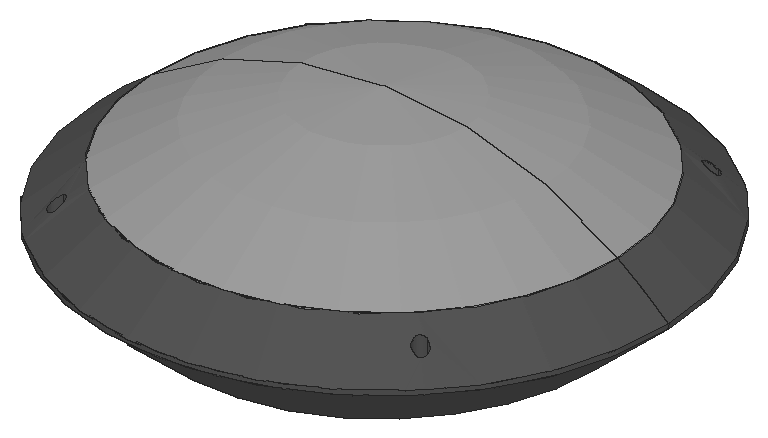
Revit family "0049019+0049033", category Lighting Fixtures, host Face, Revit 2017
Family settings
  Host = Face
  Round Connector Dimension = Use Diameter
  Part Type = Normal
  OmniClass Number = 23.80.70.00
  OmniClass Title = Lighting
  Cut with Voids When Loaded = No
  Light Source = Yes
  Shared = No
  Room Calculation Point = No
Parameters (values of type "0049019 Srt Surface IP66 2500lm 840 BK - 16.5 W")
  WidthCover_SYL = if([300mm_SYL], 27.5 mm, 31.3 mm)  # 31.3 mm
  WidthBottomSlope_SYL = if([300mm_SYL], 39.2 mm, 45.4 mm)  # 45.4 mm
  Weight = "10.0 kg"
  Wattage Comments = ""
  Wattage = 16.5 W
  WarrantyStartDate [instance] = "n/a"
  WarrantyGuarantorParts = "n/a"
  WarrantyDurationUnit = "n/a"
  WarrantyDurationParts = "n/a"
  WarrantyDescription = "n/a"
  built-in parameter 1150110 = 1 (stored number, unit not read)
  Voltage = 230 V
  URL = "http://www.sylvania-lighting.com"
  TypeName = "Start Surface IP66 2500lm 840 IK10 BLK - 16.5 W"
  Type Image = <None>
  Type Comments = "n/a"
  built-in parameter 1114217 = 1 (stored number, unit not read)
  Tilt Angle = -90.00°
  built-in parameter 1150109 = 1 (stored number, unit not read)
  built-in parameter 1150134 = 12
  built-in parameter 1150113 = 1 (stored number, unit not read)
  SerialNumber [instance] = "n/a"
  RadiusTopOffset_SYL = RadiusFront_SYL - 2 mm  # 252 mm
  RadiusEyelid_SYL = 252.4 mm
  PowerFactor = 0
  PowerConsumption = "16.5 W"
  Photometric Web File = "0049019_17W.ies"
  NominalLength = 350 mm
  NominalHeight = 110 mm
  NominalDepth = 350 mm
  Name = "Start Surface IP66 2500lm 840 IK10 BLK - 16.5 W"
  ModelReference = Name  # "Start Surface IP66 2500lm 840 IK10 BLK - 16.5 W"
  ModelNumber = "0049019"
  Model = Name  # "Start Surface IP66 2500lm 840 IK10 BLK - 16.5 W"
  Material = "polycarbonate body, polycaarbonate housing"
  ManufacturerName = "Feilo Sylvania"
  Manufacturer = "Feilo Sylvania"
  LuminousEfficacy = "109.0 lm/W"
  built-in parameter 1150105 = 556.74 (stored number, unit not read)
  Lumens = 1800 lm
  LuminaireType = ""
  built-in parameter 1150115 = 1 (stored number, unit not read)
  LightOutputRatio = "n/a"
  built-in parameter 1150137 = (empty or 0)
  built-in parameter 1150139 = (empty or 0)
  LampsType = Lamp  # "LED"
  LampNominalLuminous = "1800 lm"
  LampMacAdamStep = "n/a"
  LampColourTemperature = "4000 K"
  LampColourRenderingIndex = "80"
  built-in parameter 1150112 = 1 (stored number, unit not read)
  built-in parameter 1150114 = 1 (stored number, unit not read)
  Lamp = "LED"
  Keynote = "16500"
  InstallationDate [instance] = "n/a"
  InputVoltage = "220-240 V AC"
  InputNominalFrequency = "50/60 Hz"
  built-in parameter 1150132 = (empty or 0)
  built-in parameter 1150102 = (empty or 0)
  built-in parameter 1150107 = 4000 (stored number, unit not read)
  built-in parameter 1150138 = (empty or 0)
  IngressProtection = "IP66"
  ImpactProtectionIndex = "IK10"
  built-in parameter 1150106 = 5.5674 (stored number, unit not read)
  IfcExportType = "IfcLightFixtureType"
  IfcExportAs = "IfcLightFixtureType"
  HoleRad_SYL = if([300mm_SYL], 134 mm, 158.3 mm)  # 158.3 mm
  HoleHoleRad_SYL = 4.7 mm
  HoleAngle_SYL = 45.00°
  Height_SYL = if([300mm_SYL], 95 mm, 113 mm)  # 113 mm
  HeightFrontSlope_SYL = if([300mm_SYL], 22 mm, 26 mm)  # 26 mm
  HeightBottomSlope_SYL = if([300mm_SYL], 30 mm, 38 mm)  # 38 mm
  RadiusFront_SYL = if([300mm_SYL], 216.5 mm, 254 mm)  # 254 mm
  Eyelid_SYL = no
  ExpectedLife = 50000
  Emit from Circle Diameter = Diameter_SYL - 2 * WidthCover_SYL  # 287.4 mm
  Emit Shape Visible in Rendering = no
  ElectricShockClassification = "Class II"
  built-in parameter 1150104 = 10.135 (stored number, unit not read)
  DurationUnit = "hours"
  DocumentationLiterature = "http://www.sylvania-lighting.com/product/en-int/products/0049019"
  DimmingControlOptions = "Non dimmable"
  Material_2_SYL = LED-Sylvania-StartSurfaceIP66
  Dimming Lamp Color Temperature Shift = <None>
  Diameter_SYL = if([300mm_SYL], 300 mm, 350 mm)  # 350 mm
  Description = "LED exterior surface mounted luminaire, 350mm diameter, 2500lm as max. lumen output, can be adjusted down to 1800lm by internal switch, 15W power consumption, 104lm/W efficacy, 4000K color temperature, CRI80, non-dimmable, IP66, IK10, 50,000 hours (L70), black housing, vandal resistant"
  Default Elevation = 1219.2 mm
  CreatedOn = "7/9/2019"
  CreatedBy = "@sylvania-lighting.com"
  Cost = 0
  Color Filter = 16777215
  built-in parameter 1114216 [instance] = (empty or 0)
  ClassificationValue = "EF_70_80"
  ClassificationName = "Uniclass2015"
  Material_1_SYL = Body-Sylvania-StartSurfaceIP66-Black
  BarCode [instance] = "n/a"
  built-in parameter 1114218 = 1 (stored number, unit not read)
  built-in parameter 1150133 = 10 (stored number, unit not read)
  AssetType = "Fixed"
  AssetIdentifier [instance] = "n/a"
  Assembly Code = "D5020200"
  Apparent Load = 16.5 VA
  Material_3_SYL = none
  300mm_SYL = no
Types (3, lengths in mm): name | Wattage | TypeName | PowerConsumption | Photometric Web File | Name | ModelReference | Model | LuminousEfficacy | built-in parameter 1150105 | Lumens | LampNominalLuminous | built-in parameter 1150106 | Eyelid_SYL | built-in parameter 1150104 | Apparent Load
  0049019 Srt Surface IP66 2500lm 840 BK - 24 W | 24 W | "Start Surface IP66 2500lm 840 IK10 BLK - 24 W" | "24 W" | "0049019_24W.ies" | "Start Surface IP66 2500lm 840 IK10 BLK - 24 W" | "Start Surface IP66 2500lm 840 IK10 BLK - 24 W" | "Start Surface IP66 2500lm 840 IK10 BLK - 24 W" | "104.1 lm/W" | 825.23 (stored number, unit not read) | 2500 lm | "2500 lm" | 8.2523 (stored number, unit not read) | no | 9.6774 (stored number, unit not read) | 24 VA
  0049019 Srt Surface IP66 2500lm 840 BK - 16.5 W | 16.5 W | "Start Surface IP66 2500lm 840 IK10 BLK - 16.5 W" | "16.5 W" | "0049019_17W.ies" | "Start Surface IP66 2500lm 840 IK10 BLK - 16.5 W" | "Start Surface IP66 2500lm 840 IK10 BLK - 16.5 W" | "Start Surface IP66 2500lm 840 IK10 BLK - 16.5 W" | "109.0 lm/W" | 556.74 (stored number, unit not read) | 1800 lm | "1800 lm" | 5.5674 (stored number, unit not read) | no | 10.135 (stored number, unit not read) | 16.5 VA
  0049019+0049033 Srt Surface IP66 2500lm 840 BK - 24 W + Eyelid | 24 W | "Start Surface IP66 2500lm 840 IK10 BLK - 24 W" | "24 W" | "0049019+0049033.ies" | "Start Surface IP66 2500lm 840 IK10 BLK - 24 W" | "Start Surface IP66 2500lm 840 IK10 BLK - 24 W" | "Start Surface IP66 2500lm 840 IK10 BLK - 24 W" | "104.1 lm/W" | 825.23 (stored number, unit not read) | 2500 lm | "2500 lm" | 8.2523 (stored number, unit not read) | yes | 9.6774 (stored number, unit not read) | 24 VA
Reference planes
  plane 1 "Center (Front/Back)": y = 0
  plane 2: z = 0
  plane 3 "Center (Left/Right)": x = 0
  plane 4: x = 175
  plane 5: x = -175
  plane 6: z = 38
  plane 7: x = -129.6
  plane 8: x = 129.6
  plane 9: x = -143.7
  plane 10: z = 41
  plane 11: y = -13
  plane 12: z = 67
  plane 13: z = 113
  plane 14: z = 42.5
  plane 15: x = 0
  plane 16: x = -3.3
  plane 17: y = 3.25
  plane 18: y = -3.35
  plane 19: y = 44.25
  plane 20: y = -44.35
  plane 21: y = 50.75
  plane 22: y = -50.85
  plane 23: y = -91.85
  plane 24: y = 91.75
  plane 25: y = 97.75
  plane 26: y = -97.85
Forms (mm)
  Revolve 1, solid, material "Body-Sylvania-StartSurfaceIP66-Black" <- "Material_1_SYL"
    sketch origin (0, 0, 0) x (1, 0, 0) y (0, 0, 1)
      loop
        line (0, 0) -> (0, 41) -> (-143.7, 41) -> (-143.7, 66.348)
        arc (-143.7, 66.348) -> (-159.853, 54.295) -> (-175, 41) r 254
        line (-175, 41) -> (-175, 38) -> (-129.6, 0) -> (0, 0)
      axis (0, 66.348) -> (0, 0)
    angle from 360 to 0
  Extrusion 2, void
    sketch origin (-1524.635, -4572, 41) x (0, -1, 0) y (-1, 0, 0)
      loop
        line (-4367.393, -1349.635) -> (-4559, -1349.635)
        arc (-4559, -1349.635) -> (-4576.647, -1524.635) -> (-4559, -1699.635) r 876.532
        line (-4559, -1699.635) -> (-4367.393, -1699.635) -> (-4367.393, -1349.635)
    from -85.687 to 41
  Extrusion 3, void
    sketch origin (-1534.635, -4572, 67) x (0, -1, 0) y (-1, 0, 0)
      loop
        circle (-4683.935, -1422.7) r 4.7
      loop
        circle (-4683.935, -1646.57) r 4.7
      loop
        circle (-4460.065, -1646.57) r 4.7
      loop
        circle (-4460.065, -1422.7) r 4.7
    from 0.652 to 29
  Revolve 4, solid, material "LED-Sylvania-StartSurfaceIP66" <- "Material_2_SYL"
    sketch origin (0, 0, 0) x (1, 0, 0) y (0, 0, 1)
      loop
        line (-143.7, 66.348) -> (-143.7, 63.918)
        arc (-143.7, 63.918) -> (-75.289, 97.395) -> (0, 108.905) r 252
        line (0, 108.905) -> (0, 110.905)
        arc (0, 110.905) -> (-75.225, 99.51) -> (-143.7, 66.348) r 254
      axis (0, 110.905) -> (0, 63.918)
    angle from 360 to 0
  Revolve 5, solid, material "Body-Sylvania-StartSurfaceIP66-Black" <- "Material_1_SYL", visible <- "Eyelid_SYL"
    sketch origin (0, 0, 0) x (1, 0, 0) y (0, 0, 1)
      loop
        line (-175, 42.5) -> (-175, 41)
        arc (-175, 41) -> (-94.223, 92.782) -> (0, 110.905) r 254
        line (0, 110.905) -> (0, 113.019)
        arc (0, 113.019) -> (-94.337, 94.726) -> (-175, 42.5) r 252.4
      axis (0, 113.019) -> (0, 41)
    angle from 360 to 0
Cuts and joins
  Extrusion 3 cuts Revolve 1
  Extrusion 2, Extrusion 3 cuts Revolve 5
Lines and regions (mm)
  reference lines
    curve 1: circle (0, 0, 0) r 158.3 normal (0, 0, 1)
    curve 2: line (0, 0, 0) -> (-111.935, 111.935, 0)
    curve 3: line (0, 0, 0) -> (111.935, 111.935, 0)
    curve 4: line (0, 0, 0) -> (-111.935, -111.935, 0)
    curve 5: line (0, 0, 0) -> (111.935, -111.935, 0)
    curve 6: arc (-175, 0, 41) -> (-61.42, 0, 103.367) -> (68.144, 0, 101.593) r 254
    curve 7: circle (0, 0, 41) r 158.3 normal (0, 0, 1)
    curve 8: line (111.935, -108.883, 41) -> (111.935, -111.935, 41)
    curve 9: circle (111.935, -111.935, 41) r 4.7 normal (0, 0, 1)
    curve 10: line (111.935, 111.935, 41) -> (111.935, 116.935, 41)
    curve 11: line (-111.935, 111.935, 41) -> (-111.935, 116.935, 41)
    curve 12: line (-111.935, -111.935, 41) -> (-111.935, -116.935, 41)
    curve 13: circle (-111.935, 111.935, 41) r 4.7 normal (0, 0, 1)
    curve 14: circle (111.935, 111.935, 41) r 4.7 normal (0, 0, 1)
    curve 15: circle (-111.935, -111.935, 41) r 4.7 normal (0, 0, 1)
    curve 16: arc (129.6, 0, 73.025) -> (-8.393, 0, 108.765) -> (-143.7, 0, 63.918) r 252
    curve 17: arc (-175, 0, 42.5) -> (0, 0, 113.019) -> (175, 0, 42.5) r 252.4
    curve 18: circle (0, 0, 67) r 145.5 normal (0, 0, 1)
Dimensions and locks
  equal spacing: plane 4, plane 3 "Center (Left/Right)", plane 5
  "Diameter_SYL": plane 4 to plane 5
  equal spacing: plane 8, plane 3 "Center (Left/Right)", plane 7
  "WidthBottomSlope_SYL": plane 7 to plane 5
  locked: plane 10 to plane 6 at 3
  locked: plane 11 to plane 1 "Center (Front/Back)" at 13
  "WidthCover_SYL": plane 9 to plane 5
  locked: plane 1 "Center (Front/Back)" to host face at 300
  "HeightBottomSlope_SYL": plane 6 to plane 2
  "HeightFrontSlope_SYL": plane 12 to plane 10
  "Height_SYL": plane 13 to plane 2
  locked: plane 14 to plane 10 at 1.5
  plane 26 to plane 23 to plane 22 to plane 20 to plane 18 to plane 17 to plane 19 to plane 21 to plane 24 to plane 25 = 6 mm locked, 41 mm locked, 6.5 mm locked, 41 mm locked, 6.6 mm locked, 41 mm locked, 6.5 mm locked, 41 mm locked, 6 mm locked
  locked: plane 1 "Center (Front/Back)" to plane 17 at 3.25
  "HoleRad_SYL": radius of curve 1
  "RadiusFront_SYL": radius of curve 6
  "HoleRad_SYL": radius of curve 7
  "HoleHoleRad_SYL": radius of curve 9
  "HoleHoleRad_SYL": radius of curve 13
  "HoleHoleRad_SYL": radius of curve 14
  "HoleHoleRad_SYL": radius of curve 15
  "RadiusTopOffset_SYL": radius of curve 16
  "RadiusEyelid_SYL": radius of curve 17
  radius of curve 18 = 145.5 mm
  "HoleAngle_SYL": angle curve 2 to plane 1 "Center (Front/Back)"
  "HoleAngle_SYL": angle plane 1 "Center (Front/Back)" to curve 3
  "HoleAngle_SYL": angle plane 1 "Center (Front/Back)" to curve 4
  "HoleAngle_SYL": angle curve 5 to plane 1 "Center (Front/Back)"
  aligned and locked: plane 2 to host face
  aligned and locked: level to host face
  aligned and locked: Revolve 1 sketch curve to plane 3 "Center (Left/Right)"  (x2)
  aligned and locked: level to Revolve 1 sketch curve
  aligned and locked: plane 5 to Revolve 1 sketch curve
  aligned and locked: Revolve 1 sketch curve to plane 10
  aligned and locked: plane 4 to Extrusion 2
  aligned and locked: Extrusion 2 to plane 5
  aligned and locked: plane 3 "Center (Left/Right)" to curve 6
  aligned and locked: Extrusion 2 to level
  aligned and locked: plane 10 to curve 6
  aligned and locked: Revolve 1 sketch curve to curve 6
  aligned and locked: plane 3 "Center (Left/Right)" to curve 7
  aligned and locked: plane 1 "Center (Front/Back)" to curve 7
  aligned and locked: plane 3 "Center (Left/Right)" to curve 5
  aligned and locked: curve 8 to curve 5
  aligned and locked: curve 5 to curve 9
  aligned and locked: curve 8 to curve 9
  aligned and locked: curve 3 to curve 10
  aligned and locked: curve 2 to curve 11
  aligned and locked: curve 4 to curve 12
  aligned and locked: curve 2 to curve 13
  aligned and locked: curve 13 to curve 11
  aligned and locked: curve 4 to curve 15
  aligned and locked: curve 15 to curve 12
  aligned and locked: curve 3 to curve 14
  aligned and locked: curve 14 to curve 10
  aligned and locked: Extrusion 3 sketch curve to curve 13
  aligned and locked: Extrusion 3 sketch curve to curve 14
  aligned and locked: Extrusion 3 sketch curve to curve 9
  aligned and locked: Extrusion 3 sketch curve to curve 15
  aligned and locked: Revolve 1 to Extrusion 3
  aligned and locked: Extrusion 3 to plane 6
  aligned and locked: Revolve 4 sketch curve to plane 3 "Center (Left/Right)"  (x2)
  aligned and locked: plane 9 to curve 16
  aligned and locked: plane 8 to curve 16
  aligned and locked: plane 3 "Center (Left/Right)" to curve 16
  aligned and locked: Revolve 4 sketch curve to curve 6
  aligned and locked: Revolve 4 sketch curve to curve 16
  aligned and locked: Revolve 4 sketch curve to plane 9
  aligned and locked: Extrusion 2 to plane 2
  aligned and locked: plane 4 to curve 17
  aligned and locked: plane 14 to curve 17  (x2)
  aligned and locked: plane 5 to curve 17
  aligned and locked: Revolve 5 sketch curve to curve 17
  aligned and locked: Revolve 5 sketch curve to plane 3 "Center (Left/Right)"  (x2)
  aligned and locked: Revolve 5 sketch curve to plane 5
  aligned and locked: Revolve 5 sketch curve to curve 6
  aligned and locked: plane 13 to imposter light
  aligned and locked: plane 15 to imposter light
  aligned and locked: imposter light to plane 3 "Center (Left/Right)"
  aligned and locked: plane 1 "Center (Front/Back)" to imposter light
Automatic sketch dimensions
  host sketch curve to host sketch curve = 600 mm  (x2)
  plane 1 "Center (Front/Back)" to curve 1 = 0 mm
  curve 1 to plane 3 "Center (Left/Right)" = 0 mm
  plane 1 "Center (Front/Back)" to curve 3 = 0 mm
  curve 6 to curve 16 = 0 mm
  curve 6 to plane 5 = 0 mm
  curve 6 to plane 13 = 11.407 mm
  Revolve 1 sketch curve to plane 9 = 0 mm
  Revolve 1 sketch curve to plane 7 = 0 mm
  Revolve 1 sketch curve to plane 6 = 0 mm
  Revolve 1 sketch curve to Revolve 1 sketch curve = 486.484 mm
  plane 13 to Revolve 1 sketch curve = 2508.512 mm
  Extrusion 2 sketch curve to plane 4 = 0 mm
  plane 11 to Extrusion 2 sketch curve = 0 mm  (x2)
  Extrusion 2 sketch curve to plane 5 = 0 mm
  plane 26 to Extrusion 2 sketch curve = 106.757 mm
  Extrusion 2 sketch curve to Extrusion 2 sketch curve = 667.277 mm
  curve 10 to curve 10 = 5 mm
  curve 11 to curve 11 = 5 mm
  curve 8 to curve 8 = 3.052 mm
  curve 15 to curve 12 = 5 mm
  Revolve 4 sketch curve to Revolve 4 sketch curve = 486.484 mm
  plane 13 to Revolve 4 sketch curve = 2513.579 mm
  Revolve 5 sketch curve to Revolve 5 sketch curve = 466.505 mm
  Revolve 5 sketch curve to Revolve 5 sketch curve = 2496.039 mm
  plane 1 "Center (Front/Back)" to curve 18 = 0 mm
  curve 18 to plane 3 "Center (Left/Right)" = 0 mm
Connectors
  electrical at (0, 0, 0), driven by "Apparent Load", driven by "PowerFactor", driven by "Voltage"
    settings: index 1, voltage 230 V, apparent load 16.5 VA, apparent load phase1 0 VA, apparent load phase2 0 VA, apparent load phase3 0 VA, power factor 0, load classification "Lighting", number of poles 1, system type 30, power factor state 1, is connector primary yes, connector utility no, sub classification motor no, connector description ""
